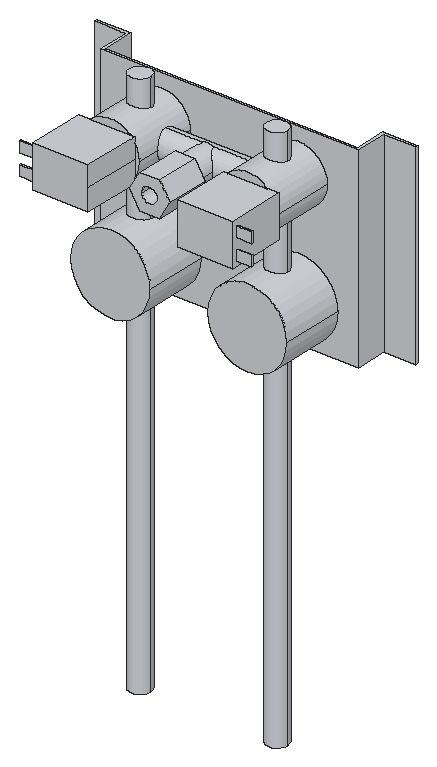
Revit family "E1L2", category Plumbing Fixtures, Revit 2015
Parameters
  URL = "https://www.willoughby-ind.com/wp-content/uploads/2018/09/E1L2.pdf"
  Revision = "A"
  Model = "E1L2"
  Manufacturer = "Willoughby Industries"
  Description = "Electronic Dual Temp. Valve, 6\" Flexhose"
  Contact Info. = "(800) 428-4065"
  Connector Type = "1/2\" F.I.P."
Reference planes (in)
  plane 1 "Center (Front/Back)": y = 0
  plane 2: z = 0
  plane 3 "Center (Left/Right)": x = 0
Forms (in)
  Extrusion 1, solid
    sketch origin (-111.8125, -5.5625, 14.2) x (0, -1, 0) y (1, 0, 0)
      loop
        line (0, 108) -> (0.0625, 108) -> (0.0625, 108.75) -> (0.8125, 108.75) -> (0.8125, 114.875) -> (0.0625, 114.875) -> (0.0625, 115.625) -> (0, 115.625) -> (0, 114.8125) -> (0.75, 114.8125) -> (0.75, 108.8125) -> (0, 108.8125) -> (0, 108)
    from -4.625 to 0
  Extrusion 2, solid
    sketch origin (-111.8125, -5.5625, 14.2) x (1, 0, 0) y (0, 0, 1)
      loop
        circle (110.1875, -1) r 0.6875
      loop
        circle (110.1875, -3.625) r 0.9375
    from 0.8125 to 2.3125
  Extrusion 3, solid
    sketch origin (-1.625, -5.5625, 14.2) x (1, 0, 0) y (0, 0, 1)
      loop
        line (0.5625, -1) -> (0.5625, -0.5) -> (-0.75, -0.5) -> (-0.75, -1.5) -> (0.5625, -1.5) -> (0.5625, -1)
    from 2.3125 to 3.6875
  Extrusion 4, solid
    sketch origin (-1.625, -5.5625, 14.2) x (1, 0, 0) y (0, 0, 1)
      loop
        line (-0.75, -0.625) -> (-1.125, -0.625) -> (-1.125, -0.875) -> (-0.75, -0.875) -> (-0.75, -0.625)
      loop
        line (-0.75, -1.375) -> (-0.75, -1.125) -> (-1.125, -1.125) -> (-1.125, -1.375) -> (-0.75, -1.375)
    from 3.5625 to 3.59375
  Extrusion 5, solid
    sketch origin (111.8125, -5.5625, 14.2) x (-1, 0, 0) y (0, 0, -1)
      loop
        circle (110.1875, 1) r 0.6875
      loop
        circle (110.1875, 3.625) r 0.9375
    from 0.8125 to 2.3125
  Extrusion 6, solid
    sketch origin (1.625, -5.5625, 14.2) x (-1, 0, 0) y (0, 0, -1)
      loop
        line (0.5625, 1) -> (0.5625, 1.5) -> (-0.75, 1.5) -> (-0.75, 0.5) -> (0.5625, 0.5) -> (0.5625, 1)
    from 2.3125 to 3.6875
  Extrusion 7, solid
    sketch origin (1.625, -5.5625, 14.2) x (-1, 0, 0) y (0, 0, -1)
      loop
        line (-0.75, 0.625) -> (-0.75, 0.875) -> (-1.125, 0.875) -> (-1.125, 0.625) -> (-0.75, 0.625)
      loop
        line (-0.75, 1.375) -> (-1.125, 1.375) -> (-1.125, 1.125) -> (-0.75, 1.125) -> (-0.75, 1.375)
    from 3.5625 to 3.59375
  Extrusion 8, solid
    sketch origin (-1.625, -5.5625, 14.2) x (1, 0, 0) y (0, 0, 1)
      loop
        circle (1.625, -1) r 0.357
    from 1.45703 to 2.125
  Extrusion 9, solid
    sketch origin (0, -5.5625, 14.2) x (0, 0, 1) y (0, -1, 0)
      loop
        circle (-1, 1.45703) r 0.333
    from -1.125 to 1.125
  Extrusion 10, solid
    sketch origin (0, -5.5625, 14.2) x (0, -1, 0) y (1, 0, 0)
      loop
        circle (1.4375, -1.625) r 0.25
      loop
        circle (1.4375, 1.625) r 0.25
    from -12.80859 to 0.26953
  Extrusion 11, solid
    sketch origin (0, -5.5625, 14.2) x (1, 0, 0) y (0, 0, 1)
      loop
        line (0.23455, -1.40625) -> (0.4691, -1) -> (0.23455, -0.59375) -> (-0.23455, -0.59375) -> (-0.4691, -1) -> (-0.23455, -1.40625) -> (0.23455, -1.40625)
    from 2.125 to 3.1875
  Extrusion 12, void
    sketch origin (0, -5.5625, 14.2) x (1, 0, 0) y (0, 0, 1)
      loop
        circle (0, -1) r 0.1875
    from 2.6875 to 3.1875
Cuts and joins
  Extrusion 12 cuts Extrusion 1
  Extrusion 12 cuts Extrusion 8
  Extrusion 12 cuts Extrusion 9
  Extrusion 12 cuts Extrusion 11
Dimensions and locks (in)
  aligned and locked: level to plane 2
  aligned and locked: Extrusion 2 to Extrusion 1
Connectors (in)
  piping at (-1.625, -7, 1.39141), diameter 0.5
    settings: on Extrusion 10, index 1, connector inside diameter 24", connector length 0' - 0", flow factor 0, pipe flow 0 GPM, pressure drop 0.00 psi, fitting loss kfactor 0, connector angle 0.00°, fixture units 0, engagement length 0' - 0", angle of deflection 0.00°, flow configuration 0, flow direction 0, fitting loss method 0, system type 7, joint type 0, gender type 0, connector reference index -1, connector utility 0, adjustable connector no, is connector primary yes, connector description ""
  piping at (1.625, -7, 1.39141), diameter 0.5
    settings: on Extrusion 10, index 2, connector inside diameter 24", connector length 0' - 0", flow factor 0, pipe flow 0 GPM, pressure drop 0.00 psi, fitting loss kfactor 0, connector angle 0.00°, fixture units 0, engagement length 0' - 0", angle of deflection 0.00°, flow configuration 0, flow direction 0, fitting loss method 0, system type 7, joint type 0, gender type 0, connector reference index -1, connector utility 0, adjustable connector no, is connector primary no, connector description ""
